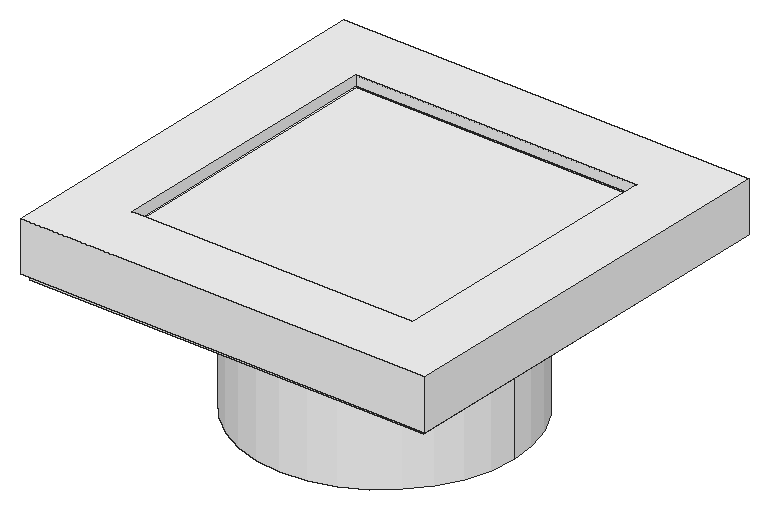
Revit family "Gira_012728", category Electrical Fixtures, host Face, Revit 2017
Family settings
  Host = Face
  Maintain Annotation Orientation = Yes
  Round Connector Dimension = Use Diameter
  Part Type = Normal
  Cut with Voids When Loaded = No
  Shared = No
  Room Calculation Point = No
Parameters (values of type "Tastschalter Kreuz System 55 Anthrazit")
  Zusammenstellung = "Basiselement mit zentraler Abdeckplatte"
  White [instance] = White
  Werkstoffgüte = "sonstige"
  Werkstoff = "sonstige"
  Waschmaschinenschalter = "No"
  URL = "http://katalog.gira.de/de_DE/datenblatt.html?artikelnr=012728"
  Textfeld/Beschriftungsfläche = "nein"
  Tastschalter = "Yes"
  Schaltungsart = "Kreuzschalter"
  Rückmeldekontakt = "No"
  Region = "DE"
  Oberfläche = "sonstige"
  Nennspannung = "250 Volt"
  Name = "Tastschalter Kreuz System 55 Anthrazit"
  Montageart = "unter Putz"
  Model = "Sys55_Komplettgerät_Schalten und Tasten"
  Mit Montageplatte = "No"
  Manufacturer URL = "https://www.gira.de/"
  HeinzeBIM = "https://bimportal.heinze.de/bim/tastschalter-kreuz-system-55-anthrazit/29457593b127824b8cffcc7fd4486ea09704ad0a"
  Halogenfrei = "No"
  HAN = "012728"
  Geeignet für Schutzart (IP) = "IP20"
  GTIN = "4010337127284"
  Farbe = "anthrazit"
  Default Elevation = 1219.2 mm
  Data sheet (1) = "https://katalog.gira.de/de_DE/download.html?artikelnr=012728"
  Category = "Installationsschalter"
  Bemessungsstrom = "10 Ampere"
  Beleuchtung = "nein"
  Befestigungsart = "Krallen-/Schraubbefestigung"
  Bedienungsart = "Wippe/Taste"
  Available = "Yes"
  Anzahl der Module (bei Modulbauweise) = "1 "
  Anzahl der Betätigungswippen = "1 "
  Anschlussart = "Steckklemme"
Reference planes
  plane 1 "Center (Front/Back)": y = 0
  plane 2: z = 0
  plane 3 "Center (Left/Right)": x = 0
Forms (mm)
  Extrusion 1, solid, material "White" <- "White", detail levels medium
    sketch origin (0, 0, 0) x (1, 0, 0) y (0, 1, 0)
      loop
        line (-40.4, 40.4) -> (-40.4, -40.4) -> (40.4, -40.4) -> (40.4, 40.4) -> (-40.4, 40.4)
      loop
        line (-28, 28) -> (-28, -28) -> (28, -28) -> (28, 28) -> (-28, 28)
    from 0 to 10
  Extrusion 2, solid, material "White" <- "White", detail levels fine
    sketch origin (0, 0, 0) x (1, 0, 0) y (0, 1, 0)
      loop
        line (-40.4, 40.4) -> (-40.4, -40.4) -> (40.4, -40.4) -> (40.4, 40.4) -> (-40.4, 40.4)
      loop
        line (-28, 28) -> (-28, -28) -> (28, -28) -> (28, 28) -> (-28, 28)
    from 0 to 10
  Extrusion 3, void
    sketch origin (0, 0, 0) x (1, 0, 0) y (0, 1, 0)
      loop
        line (-38.4, 38.4) -> (-38.4, -38.4) -> (38.4, -38.4) -> (38.4, 38.4) -> (-38.4, 38.4)
    from 0 to 8
  Extrusion 4, solid, material "White" <- "White", detail levels medium+fine
    sketch origin (0, 0, 0) x (1, 0, 0) y (0, 1, 0)
      loop
        line (-39.4, 39.4) -> (-39.4, -39.4) -> (39.4, -39.4) -> (39.4, 39.4) -> (-39.4, 39.4)
    from 0 to -1
  Extrusion 5, solid, material "White" <- "White", detail levels medium+fine
    sketch origin (0, 0, 0) x (1, 0, 0) y (0, 1, 0)
      loop
        line (-35.5, 35.5) -> (-35.5, -35.5) -> (35.5, -35.5) -> (35.5, 35.5) -> (-35.5, 35.5)
    from -2 to -3
  Extrusion 6, solid, material "White" <- "White", detail levels medium+fine
    sketch origin (0, 0, 0) x (1, 0, 0) y (0, 1, 0)
      loop
        circle (0, 0) r 26
    from 0 to -27.5
  Extrusion 7, solid, material "White" <- "White", detail levels coarse
    sketch origin (0, 0, 0) x (1, 0, 0) y (0, 1, 0)
      loop
        line (-40.4, 40.4) -> (-40.4, -40.4) -> (40.4, -40.4) -> (40.4, 40.4) -> (-40.4, 40.4)
    from -27.5 to 10
Cuts and joins
  Extrusion 3 cuts Extrusion 2
Dimensions and locks
  aligned and locked: plane 2 to host face
  aligned and locked: level to host face
  aligned and locked: plane 3 "Center (Left/Right)" to nested 2
  aligned and locked: plane 1 "Center (Front/Back)" to nested 2
Nested families
  nested 1: "Sys55_Abdeckung_Schalten und Tasten_floor_base" at (0, 0, 0), type "Sys55_Abdeckung_Schalten und Tasten_floor_base"
  nested 2: "Schalter" at (0, 0, 0), type "Schalter"
Connectors
  electrical at (0, 0, -27.5)
    settings: on Extrusion 6, index 1, voltage 220 V, apparent load 0 VA, apparent load phase1 0 VA, apparent load phase2 0 VA, apparent load phase3 0 VA, power factor 1, load classification "Other", number of poles 1, system type 30, power factor state 1, is connector primary yes, connector utility no, sub classification motor no, connector description ""
Definition of nested family "Sys55_Abdeckung_Schalten und Tasten_floor_base"
  Parameters
    Default Elevation = 1219.2 mm
    White [instance] = none
  Reference planes
    plane 1 "Center (Front/Back)": y = 0
    plane 2: z = 0
    plane 3 "Center (Left/Right)": x = 0
  Forms (mm)
    Extrusion 1, solid
      sketch origin (0, 0, 0) x (1, 0, 0) y (0, 1, 0)
        loop
          line (-1219.2, 1219.2) -> (-1219.2, -1219.2) -> (1219.2, -1219.2) -> (1219.2, 1219.2) -> (-1219.2, 1219.2)
      from 0 to -304.8
    Extrusion 2, solid, material <- "White", detail levels fine
      sketch origin (0, 0, 0) x (1, 0, 0) y (0, 1, 0)
        loop
          line (-27.5, 27.5) -> (-27.5, -27.5) -> (27.5, -27.5) -> (27.5, 27.5) -> (-27.5, 27.5)
      from 0 to 8
    Extrusion 3, void
      sketch origin (0, 0, 0) x (1, 0, 0) y (0, 1, 0)
        loop
          line (26, 26) -> (-26, 26) -> (-26, -26) -> (26, -26) -> (26, 26)
      from 0 to 6
    Extrusion 4, solid, material <- "White", detail levels medium
      sketch origin (0, 0, 0) x (1, 0, 0) y (0, 1, 0)
        loop
          line (-27.5, 27.5) -> (-27.5, -27.5) -> (27.5, -27.5) -> (27.5, 27.5) -> (-27.5, 27.5)
      from 0 to 8
    Extrusion 5, solid, material <- "White", detail levels medium
      sketch origin (0, 0, 0) x (1, 0, 0) y (0, 1, 0)
        loop
          line (11, -17.5) -> (11, 17.5) -> (-11, 17.5) -> (-11, -17.5) -> (11, -17.5)
      from -6 to 6
    Extrusion 6, solid, material <- "White", detail levels fine
      sketch origin (0, 0, 0) x (1, 0, 0) y (0, 1, 0)
        loop
          line (11, 17.5) -> (-11, 17.5) -> (-11, 16.5) -> (11, 16.5) -> (11, 17.5)
        loop
          line (-11, -16.5) -> (-11, -17.5) -> (11, -17.5) -> (11, -16.5) -> (-11, -16.5)
      from -4 to 6
    Extrusion 7, solid, material <- "White", detail levels fine
      sketch origin (0, 0, 0) x (1, 0, 0) y (0, 1, 0)
        loop
          arc (5, 9.347) -> (0, 10.6) -> (-5, 9.347) r 10.6
          line (-5, 9.347) -> (-5, -9.347)
          arc (-5, -9.347) -> (0, -10.6) -> (5, -9.347) r 10.6
          line (5, -9.347) -> (5, 9.347)
      from -6 to 6
    Extrusion 8, solid, material <- "White", detail levels coarse
      sketch origin (0, 0, 0) x (1, 0, 0) y (0, 1, 0)
        loop
          line (-27.5, 27.5) -> (-27.5, -27.5) -> (27.5, -27.5) -> (27.5, 27.5) -> (-27.5, 27.5)
      from -6 to 8
  Cuts and joins
    Extrusion 3 cuts Extrusion 2
  Dimensions and locks
    aligned and locked: plane 2 to Extrusion 1
    aligned and locked: level to Extrusion 1
Definition of nested family "Schalter"
  Reference planes
    plane 1: y = 0
    plane 2: x = 0
  Lines and regions (mm)
    detail lines
      curve 1: circle (1.375, 2.778, 0) r 0.8 normal (0, 0, 1)
      curve 2: line (1.021, 2.061, 0) -> (0, 0, 0)
      curve 3: line (0, 0, 0) -> (-0.538, 0.266, 0)
  Dimensions and locks
    curve 2 to curve 2 = 2.3 mm
    curve 3 to curve 2 = 0.6 mm
    radius of curve 1 = 0.8 mm
